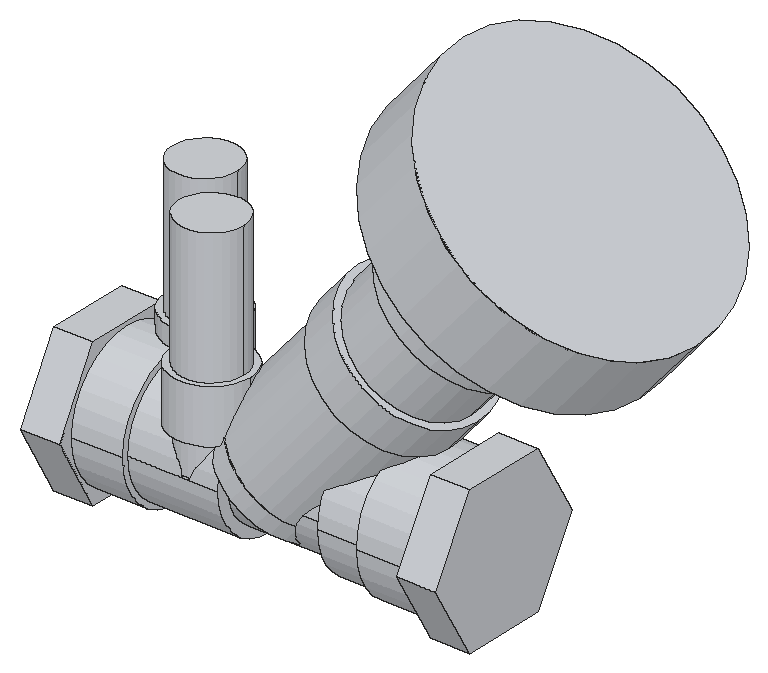
Revit family "D9515-DN20-RFA_2018", category Pipe Accessories, Revit 2018
Family settings
  Round Connector Dimension = Use Diameter
  Part Type = Valve - Breaks Into
  Work Plane-Based = No
  Always vertical = Yes
  Cut with Voids When Loaded = No
  Shared = No
Parameters (values of type "D9515 DN20")
  magiProductId = "db511cd39f454f418d6e49e6ac0c56"
  magiProductFamilyId = "2231140663314cd0b01ba8939d6b11"
  magiPartTypeId = 304
  isMeasuringValve [instance] = no
  ang2D [instance] = 0.00°
  W2D = 15 mm
  W21 = 7.5 mm
  VersionID = "2.0/2017.10.31.1/VIR_9515_001"
  Use Minimum Symbol Size [instance] = yes
  URL = "www.hydronix.cz"
  Type Comments = "Ruční vyvažovací ventil s měřením na cloně; PN25; -10~+130°C; (měřicí vsuvky -10~+120°C)"
  RN2 = 19.5 mm
  RN = 19.5 mm
  R7 = 9 mm
  R6 = 7.5 mm
  R3 = 16.25 mm
  R2 = 15 mm
  R14 = 20 mm
  R13 = 16.25 mm
  R12 = 17.875 mm
  R11 = 16.25 mm
  R1 = 12.5 mm
  QmdConnectorList = "301;D;302;D"
  Productdata [instance] = ""
  NUT1 = no
  Manufacturer = "Hydronix"
  MC Product Code = "9515 020 (DN20, PN25; kvs3,67; kvc5,33)"
  MC Piping Given Pressure Drop [instance] = 0.0 Pa
  L_2 = 47.95 mm
  L5 = 2 mm
  L4__ve = -L4  # -21 mm
  L4 = 21 mm
  L3 = 10 mm
  L2__ve = -L2  # -12 mm
  L2D_Min = 3048 mm
  L2D = 87.8 mm
  L22 = 21 mm
  L21 = 7.5 mm
  L2 = 12 mm
  L1__ve = -L1  # -9 mm
  L1 = 9 mm
  HWR = 35 mm
  H24 = 30.9 mm
  H23 = 12.36 mm
  H22 = 8.35 mm
  H21 = 8.25 mm
  H15 = 20 mm
  H14 = 18.088 mm
  H13 = 9 mm
  H12 = 10 mm
  H11 = 32 mm
  H10 = 5 mm
  Description = "Ruční vyvažovací ventil s měřením na cloně; PN25"
  D = 20 mm
  CenSd_RN_6 = RN * cos(30.00°)  # 16.887 mm
  CenSd_RN2_6 = RN2 * cos(30.00°)  # 16.887 mm
  CAT0 = yes
Types (6, lengths in mm): name | magiProductId | W21 | RN2 | RN | R3 | R2 | R13 | R12 | R11 | R1 | MC Product Code | L_2 | L3 | L2__ve | L2 | L1__ve | L1 | H24 | H23 | H22 | H21 | H14 | H12 | H10 | D | CenSd_RN_6 | CenSd_RN2_6
  D9515 DN15 | "17cbc467cde14417a5a74aa240a316" | 6.75 | 17.55 | 17.55 | 14.625 | 13.5 | 14.625 | 16.087 | 14.625 | 11.25 | "9515 015 (DN15, PN25; kvs1,92; kvc2,80)" | 43.9 | 10 | -12 | 12 | -8 | 8 | 30.9 | 12.36 | 6.725 | 6.625 | 19.088 | 10 | 4 | 15 | 15.199 | 15.199
  D9515 DN20 | "db511cd39f454f418d6e49e6ac0c56" | 7.5 | 19.5 | 19.5 | 16.25 | 15 | 16.25 | 17.875 | 16.25 | 12.5 | "9515 020 (DN20, PN25; kvs3,67; kvc5,33)" | 47.95 | 10 | -12 | 12 | -9 | 9 | 30.9 | 12.36 | 8.35 | 8.25 | 18.088 | 10 | 5 | 20 | 16.887 | 16.887
  D9515 DN25 | "e8aaae3d88cc438088acb51c2ae749" | 8.25 | 21.45 | 21.45 | 17.875 | 16.5 | 17.875 | 19.663 | 17.875 | 13.75 | "9515 025 (DN25, PN25; kvs6,24; kvc9,72)" | 50 | 12 | -14 | 14 | -10 | 10 | 30.9 | 12.36 | 9.975 | 9.875 | 17.088 | 10 | 6 | 25 | 18.576 | 18.576
  D9515 DN32 | "dc2d0354abae4200a8eaff76faf524" | 9.3 | 20.4 | 24.18 | 20.15 | 18.6 | 17 | 22.165 | 20.15 | 15.5 | "9515 032 (DN32, PN25; kvs12,54; kvc20,25)" | 58.75 | 13 | -15 | 15 | -11.4 | 11.4 | 36.9 | 14.76 | 12.25 | 12.15 | 37.197 | 15 | 7 | 32 | 20.94 | 17.667
  D9515 DN40 | "9b6b6dd7761a428fa780a8a57ab3c3" | 10.5 | 20.4 | 27.3 | 22.75 | 21 | 17 | 25.025 | 22.75 | 17.5 | "9515 040 (DN40, PN25; kvs19,59; kvc30,23)" | 63.5 | 14 | -16 | 16 | -13 | 13 | 37.5 | 15 | 14.85 | 14.75 | 38.807 | 15 | 8 | 40 | 23.642 | 17.667
  D9515 DN50 | "6b5b9dd02a164b53a7f96efb176f34" | 12 | 20.4 | 31.2 | 26 | 24 | 17 | 28.6 | 26 | 20 | "9515 050 (DN50, PN25; kvs29,72; kvc55,07)" | 72.65 | 15 | -17 | 17 | -15 | 15 | 40.8 | 16.32 | 18.1 | 18 | 51.167 | 15 | 10 | 50 | 27.02 | 17.667
Reference planes
  plane 1 "Center (Front/Back)": y = 0
  plane 2 "XYPLANE": z = 0
  plane 3 "Center (Left/Right)": x = 0
  plane 4 "329": through (-573.319, 0, 485.921) normal (0.6428, 0, 0.766)
  plane 5 "328": y = -7.5
  plane 6 "327": y = 7.5
  plane 7 "312": through (-552.75, 0, 510.434) normal (0.6428, 0, 0.766)
  plane 8 "176": z = 20.61
  plane 9 "173": z = 8.35
  plane 10 "163": x = -2
  plane 11 "158": x = 16.95
  plane 12 "157": x = 26.95
  plane 13 "154": x = -5.95
  plane 14 "83": z = 20.71
  plane 15 "76": x = -26.95
  plane 16 "73": z = 8.25
  plane 17 "70": z = 0
  plane 18 "69": y = 0
  plane 19 "68": x = -13.45
  plane 20 "60": through (-521.84, 0, 547.272) normal (0.6428, 0, 0.766)
  plane 21 "57": through (-534.695, 0, 531.951) normal (0.6428, 0, 0.766)
  plane 22 "54": through (-546.322, 0, 518.095) normal (0.6428, 0, 0.766)
  plane 23 "32": through (-576.533, 0, 482.091) normal (0.6428, 0, 0.766)
  plane 24 "31": y = 0
  plane 25 "30": through (480.091, 0, 574.533) normal (0.766, 0, -0.6428)
  plane 26 "21": x = -26.95
  plane 27 "20": x = 38.95
  plane 28 "19": x = -38.95
  plane 29 "13": x = 0
  plane 30 "11": x = 47.95
  plane 31 "10": x = -47.95
  plane 32 "9": y = 0
  plane 33 "8": z = 0
  plane 34 "65XY": z = 0
  plane 35 "65XZ": y = 0
  plane 36 "65YZ": x = -2.9
  plane 37 "27XY": through (-576.533, 0, 482.091) normal (0.6428, 0, 0.766)
  plane 38 "27XZ": y = 0
  plane 39 "27YZ": through (480.091, 0, 574.533) normal (0.766, 0, -0.6428)
Forms (mm)
  Extrusion 1, solid, visible <- "CAT0"
    sketch origin (-576.533, 0, 482.091) x (0.766044, 0, -0.642788) y (0, 1, 0)
      loop
        circle (750, 0) r 16.25
    from 0 to 5 <- "H10"
  Extrusion 2, solid
    sketch origin (26.95, -750, 0) x (0, 1, 0) y (0, 0, 1)
      loop
        circle (750, 0) r 16.25
    from 0 to 12 <- "L2"
  Extrusion 3, solid
    sketch origin (16.95, -750, 0) x (0, 1, 0) y (0, 0, 1)
      loop
        circle (750, 0) r 15
    from 0 to 10 <- "L3"
  Extrusion 4, solid
    sketch origin (-26.95, -750, 0) x (0, 1, 0) y (0, 0, 1)
      loop
        circle (750, 0) r 16.25
    from 0 to -12 <- "L2__ve"
  Extrusion 5, solid
    sketch origin (-5.95, -750, 0) x (0, 1, 0) y (0, 0, 1)
      loop
        circle (750, 0) r 15
    from 0 to -21 <- "L4__ve"
  Extrusion 6, solid
    sketch origin (-573.319, 0, 485.921) x (0.766044, 0, -0.642788) y (0, 1, 0)
      loop
        circle (750, 0) r 16.25
    from 0 to 32 <- "H11"
  Extrusion 7, solid
    sketch origin (-2.9, 750, 20.61) x (0, -1, 0) y (1, 0, 0)
      loop
        circle (742.5, -24.05) r 7.5
    from 0 to 30.9 <- "H24"
  Extrusion 8, solid
    sketch origin (-2.9, 750, 8.25) x (0, -1, 0) y (1, 0, 0)
      loop
        circle (742.5, -24.05) r 9
    from 0 to 12.36 <- "H23"
  Extrusion 9, solid
    sketch origin (-546.322, 0, 518.095) x (0.766044, 0, -0.642788) y (0, 1, 0)
      loop
        circle (750, 0) r 16.25
    from 0 to 18.088 <- "H14"
  Extrusion 10, solid, visible <- "NUT1"
    sketch origin (-546.322, 0, 518.095) x (0.766044, 0, -0.642788) y (0, 1, 0)
      loop
        line (750, 19.5) -> (733.113, 9.75) -> (733.113, -9.75) -> (750, -19.5) -> (766.887, -9.75) -> (766.887, 9.75) -> (750, 19.5)
    from 0 to 9 <- "H13"
  Blend 11, solid
    base sketch origin (-5.95, -750, 0) x (0, 1, 0) y (0, 0, 1)
      loop
        circle (750, 0) r 12.5
    top sketch origin (-5.95, -750, 0) x (0, 1, 0) y (0, 0, 1)
      loop
        circle (750, 0) r 12.5
    from 0 to 22.9
  Extrusion 12, solid
    sketch origin (-2.9, 750, 0) x (0, -1, 0) y (1, 0, 0)
      loop
        circle (757.5, -10.55) r 7.5
    from 0 to 8.35 <- "H22"
  Extrusion 13, solid
    sketch origin (-2.9, 750, 20.71) x (0, -1, 0) y (1, 0, 0)
      loop
        circle (757.5, -10.55) r 7.5
    from 0 to 30.9 <- "H24"
  Extrusion 14, solid
    sketch origin (-2.9, 750, 0) x (0, -1, 0) y (1, 0, 0)
      loop
        circle (742.5, -24.05) r 7.5
    from 0 to 8.25 <- "H21"
  Extrusion 15, solid
    sketch origin (-2.9, 750, 8.35) x (0, -1, 0) y (1, 0, 0)
      loop
        circle (757.5, -10.55) r 9
    from 0 to 12.36 <- "H23"
  Extrusion 16, solid, visible <- "CAT0"
    sketch origin (-521.84, 0, 547.272) x (0.766044, 0, -0.642788) y (0, 1, 0)
      loop
        circle (750, 0) r 35
    from 0 to 20 <- "H15"
  Extrusion 17, solid
    sketch origin (-534.695, 0, 531.951) x (0.766044, 0, -0.642788) y (0, 1, 0)
      loop
        circle (750, 0) r 20
    from 0 to 20 <- "H15"
  Extrusion 18, solid
    sketch origin (-552.75, 0, 510.434) x (0.766044, 0, -0.642788) y (0, 1, 0)
      loop
        circle (750, 0) r 17.875
    from 0 to 10 <- "H12"
  Extrusion 19, solid
    sketch origin (47.95, -750, 0) x (0, 1, 0) y (0, 0, 1)
      loop
        line (730.5, 0) -> (740.25, -16.887) -> (759.75, -16.887) -> (769.5, 0) -> (759.75, 16.887) -> (740.25, 16.887) -> (730.5, 0)
    from 0 to -9 <- "L1__ve"
  Extrusion 20, solid
    sketch origin (-47.95, -750, 0) x (0, 1, 0) y (0, 0, 1)
      loop
        line (769.5, 0) -> (759.75, 16.887) -> (740.25, 16.887) -> (730.5, 0) -> (740.25, -16.887) -> (759.75, -16.887) -> (769.5, 0)
    from 0 to 9 <- "L1"
  Extrusion 21, solid, not visible
    sketch origin (47.95, -750, 0) x (0, 1, 0) y (0, 0, 1)
      loop
        circle (750, 0) r 10.75
    from 0 to -10
  Extrusion 22, solid, not visible
    sketch origin (-47.95, -750, 0) x (0, 1, 0) y (0, 0, 1)
      loop
        circle (750, 0) r 10.75
    from 0 to 10
Lines and regions (mm)
  reference lines, not visible
    curve 1: circle (2, 2, 0) r 1 normal (0, 0, 1)
  reference lines
    curve 2: line (28.211, 0, 36.004) -> (34.032, -4.387, 31.119)
    curve 3: line (28.211, 0, 36.004) -> (28.211, -8.775, 36.004)
    curve 4: line (28.211, 0, 36.004) -> (22.39, -4.387, 40.889)
    curve 5: line (47.95, 0, 0) -> (47.95, 4.387, -7.599)
    curve 6: line (47.95, 0, 0) -> (47.95, 8.775, 0)
    curve 7: line (47.95, 0, 0) -> (47.95, 4.387, 7.599)
    curve 8: line (-47.95, 0, 0) -> (-47.95, -4.387, -7.599)
    curve 9: line (-47.95, 0, 0) -> (-47.95, -8.775, 0)
    curve 10: line (-47.95, 0, 0) -> (-47.95, -4.387, 7.599)
Dimensions and locks
  plane 1 "Center (Front/Back)" to curve 1 = 2 mm
  "H10": plane 23 "32" to plane 4 "329"
  "W21": plane 18 "69" to plane 5 "328"
  "W21": plane 18 "69" to plane 6 "327"
  "H11": plane 4 "329" to plane 7 "312"
  "H23": plane 16 "73" to plane 8 "176"
  "H22": plane 17 "70" to plane 9 "173"
  "L5": plane 29 "13" to plane 10 "163"
  "L3": plane 12 "157" to plane 11 "158"
  "L2": plane 27 "20" to plane 12 "157"
  "L4": plane 26 "21" to plane 13 "154"
  "H23": plane 9 "173" to plane 14 "83"
  "L22": plane 13 "154" to plane 15 "76"
  "H21": plane 17 "70" to plane 16 "73"
  locked: plane 33 "8" to plane 17 "70"
  locked: plane 32 "9" to plane 18 "69"
  "L21": plane 13 "154" to plane 19 "68"
  "H15": plane 21 "57" to plane 20 "60"
  "H14": plane 22 "54" to plane 21 "57"
  "H12": plane 7 "312" to plane 22 "54"
  locked: plane 37 "27XY" to plane 23 "32"
  locked: plane 32 "9" to plane 24 "31"
  locked: plane 39 "27YZ" to plane 25 "30"
  "L2": plane 28 "19" to plane 26 "21"
  "L1": plane 30 "11" to plane 27 "20"
  "L1": plane 31 "10" to plane 28 "19"
  locked: plane 3 "Center (Left/Right)" to plane 29 "13"
  "L_2": plane 3 "Center (Left/Right)" to plane 30 "11"
  "L_2": plane 3 "Center (Left/Right)" to plane 31 "10"
  locked: plane 1 "Center (Front/Back)" to plane 32 "9"
  locked: plane 2 "XYPLANE" to plane 33 "8"
  "CenSd_RN2_6": curve 2 to Extrusion 10 sketch curve  (x2)
  "CenSd_RN2_6": curve 3 to Extrusion 10 sketch curve  (x2)
  "CenSd_RN2_6": curve 4 to Extrusion 10 sketch curve  (x2)
  Extrusion 10 sketch curve to Extrusion 10 sketch curve = 0 mm  (x12)
  "CenSd_RN_6": curve 5 to Extrusion 19 sketch curve  (x2)
  "CenSd_RN_6": curve 6 to Extrusion 19 sketch curve  (x2)
  "CenSd_RN_6": curve 7 to Extrusion 19 sketch curve  (x2)
  Extrusion 19 sketch curve to Extrusion 19 sketch curve = 0 mm  (x12)
  "CenSd_RN_6": curve 8 to Extrusion 20 sketch curve  (x2)
  "CenSd_RN_6": curve 9 to Extrusion 20 sketch curve  (x2)
  "CenSd_RN_6": curve 10 to Extrusion 20 sketch curve  (x2)
  Extrusion 20 sketch curve to Extrusion 20 sketch curve = 0 mm  (x12)
  "R11": radius of Extrusion 1 sketch curve
  "R3": radius of Extrusion 2 sketch curve
  "R2": radius of Extrusion 3 sketch curve
  "R3": radius of Extrusion 4 sketch curve
  "R2": radius of Extrusion 5 sketch curve
  "R11": radius of Extrusion 6 sketch curve
  "R6": radius of Extrusion 7 sketch curve
  "R7": radius of Extrusion 8 sketch curve
  "R13": radius of Extrusion 9 sketch curve
  "R1": radius of Blend 11 sketch curve  (x2)
  "R6": radius of Extrusion 12 sketch curve
  "R6": radius of Extrusion 13 sketch curve
  "R6": radius of Extrusion 14 sketch curve
  "R7": radius of Extrusion 15 sketch curve
  "HWR": radius of Extrusion 16 sketch curve
  "R14": radius of Extrusion 17 sketch curve
  "R12": radius of Extrusion 18 sketch curve
  locked: curve 3 to curve 2 (angle 60.00°)
  locked: curve 4 to curve 3 (angle 60.00°)
  locked: curve 4 to curve 2 (angle 120.00°)
  locked: curve 6 to curve 5 (angle 60.00°)
  locked: curve 7 to curve 6 (angle 60.00°)
  locked: curve 7 to curve 5 (angle 120.00°)
  locked: curve 9 to curve 8 (angle 60.00°)
  locked: curve 10 to curve 9 (angle 60.00°)
  locked: curve 10 to curve 8 (angle 120.00°)
  aligned and locked: level to plane 2 "XYPLANE"
  aligned and locked: plane 24 "31" to Extrusion 1 sketch curve
  aligned and locked: Extrusion 1 sketch curve to plane 25 "30"
  aligned and locked: Extrusion 2 sketch curve to plane 32 "9"
  aligned and locked: plane 33 "8" to Extrusion 2 sketch curve
  aligned and locked: Extrusion 3 sketch curve to plane 32 "9"
  aligned and locked: plane 33 "8" to Extrusion 3 sketch curve
  aligned and locked: Extrusion 4 sketch curve to plane 32 "9"
  aligned and locked: plane 33 "8" to Extrusion 4 sketch curve
  aligned and locked: Extrusion 5 sketch curve to plane 32 "9"
  aligned and locked: plane 33 "8" to Extrusion 5 sketch curve
  aligned and locked: plane 24 "31" to Extrusion 6 sketch curve
  aligned and locked: Extrusion 6 sketch curve to plane 25 "30"
  aligned and locked: plane 6 "327" to Extrusion 7 sketch curve
  aligned and locked: plane 15 "76" to Extrusion 7 sketch curve
  aligned and locked: plane 6 "327" to Extrusion 8 sketch curve
  aligned and locked: plane 15 "76" to Extrusion 8 sketch curve
  aligned and locked: plane 24 "31" to Extrusion 9 sketch curve
  aligned and locked: Extrusion 9 sketch curve to plane 25 "30"
  aligned and locked: curve 2 to plane 25 "30"
  aligned and locked: plane 24 "31" to curve 3
  aligned and locked: Blend 11 sketch curve to plane 32 "9"  (x2)
  aligned and locked: plane 33 "8" to Blend 11 sketch curve  (x2)
  aligned and locked: plane 11 "158" to Blend 11
  aligned and locked: plane 5 "328" to Extrusion 12 sketch curve
  aligned and locked: plane 19 "68" to Extrusion 12 sketch curve
  aligned and locked: plane 5 "328" to Extrusion 13 sketch curve
  aligned and locked: plane 19 "68" to Extrusion 13 sketch curve
  aligned and locked: plane 6 "327" to Extrusion 14 sketch curve
  aligned and locked: plane 15 "76" to Extrusion 14 sketch curve
  aligned and locked: plane 5 "328" to Extrusion 15 sketch curve
  aligned and locked: plane 19 "68" to Extrusion 15 sketch curve
  aligned and locked: plane 24 "31" to Extrusion 16 sketch curve
  aligned and locked: Extrusion 16 sketch curve to plane 25 "30"
  aligned and locked: plane 24 "31" to Extrusion 17 sketch curve
  aligned and locked: Extrusion 17 sketch curve to plane 25 "30"
  aligned and locked: plane 24 "31" to Extrusion 18 sketch curve
  aligned and locked: Extrusion 18 sketch curve to plane 25 "30"
  aligned and locked: curve 7 to plane 32 "9"
  aligned and locked: plane 33 "8" to curve 7
  aligned and locked: curve 10 to plane 32 "9"
  aligned and locked: plane 33 "8" to curve 10
  aligned and locked: Extrusion 21 sketch curve to plane 32 "9"
  aligned and locked: plane 33 "8" to Extrusion 21 sketch curve
  aligned and locked: Extrusion 22 sketch curve to plane 32 "9"
  aligned and locked: plane 33 "8" to Extrusion 22 sketch curve
Automatic sketch dimensions
  Extrusion 21 sketch curve to plane 5 "328" = 3.25 mm
  Extrusion 22 sketch curve to plane 5 "328" = 3.25 mm
  plane 3 "Center (Left/Right)" to curve 1 = 2 mm
  radius of curve 1 = 1 mm
Connectors
  piping at (-47.95, 0, 0), diameter 20, driven by "D"
    settings: on Extrusion 22, index 1, connector inside diameter 609.6 mm, connector length 0 mm, flow factor 0, pipe flow 0.0 L/s, pressure drop 0.0 Pa, fitting loss kfactor 0, connector angle 0.00°, fixture units 0, engagement length 0 mm, angle of deflection 0.00°, flow configuration 0, flow direction 0, fitting loss method 0, system type 29, joint type 0, gender type 0, connector reference index 2, connector utility 0, adjustable connector no, is connector primary yes, connector description ""
  piping at (47.95, 0, 0), diameter 20, driven by "D"
    settings: on Extrusion 21, index 2, connector inside diameter 609.6 mm, connector length 0 mm, flow factor 0, pipe flow 0.0 L/s, pressure drop 0.0 Pa, fitting loss kfactor 0, connector angle 0.00°, fixture units 0, engagement length 0 mm, angle of deflection 0.00°, flow configuration 0, flow direction 0, fitting loss method 0, system type 29, joint type 0, gender type 0, connector reference index 1, connector utility 0, adjustable connector no, is connector primary no, connector description ""
